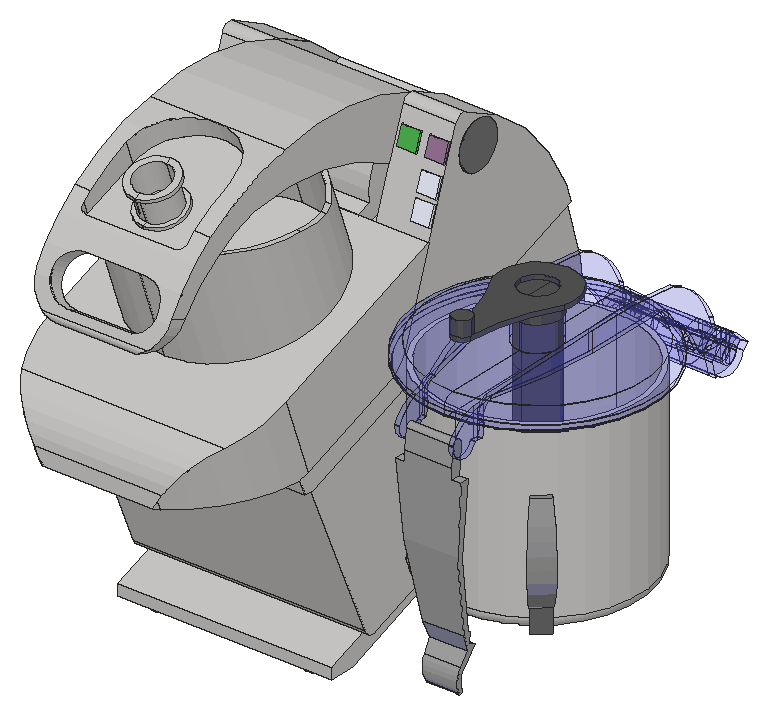
Revit family "QF_DITOSAMA_600433_DTRK45YG", category Specialty Equipment, Revit 2018 (continued)
Definition of nested family "600428_BOWL"
  Lines and regions (mm)
    symbolic lines
      curve 65: arc (-128, -18.211, 0) -> (-101.973, 25.34, 0) -> (-60.771, 54.948, 0) r 124.909
      curve 66: arc (-128, -100.142, 0) -> (-134.909, -59.177, 0) -> (-128, -18.211, 0) r 124.909
      curve 67: line (-108, -177.764, 0) -> (-49.233, -177.764, 0)
      curve 68: line (-128, 191, 0) -> (-128, -17.764, 0)
      curve 69: line (29.233, -177.764, 0) -> (108, -177.764, 0)
      curve 70: line (-128, -97.764, 0) -> (-128, -157.764, 0)
      curve 71: line (-108, 211, 0) -> (108, 211, 0)
      curve 72: arc (-128, -157.764, 0) -> (-122.142, -171.906, 0) -> (-108, -177.764, 0) r 20
      curve 73: arc (108, -177.764, 0) -> (122.142, -171.906, 0) -> (128, -157.764, 0) r 20
      curve 74: arc (128, 191, 0) -> (122.142, 205.142, 0) -> (108, 211, 0) r 20
      curve 75: arc (-108, 211, 0) -> (-122.142, 205.142, 0) -> (-128, 191, 0) r 20
      curve 76: line (45.852, 123.86, 0) -> (-71.073, 123.86, 0)
      curve 77: line (45.852, 137.378, 0) -> (-65.852, 137.378, 0)
      curve 78: line (45.852, 143.082, 0) -> (-65.852, 143.082, 0)
      curve 79: line (53.607, 123.86, 0) -> (45.852, 123.86, 0)
      curve 80: line (45.852, 123.86, 0) -> (45.852, 170.216, 0)
      curve 81: line (45.852, 170.216, 0) -> (-65.852, 170.216, 0)
      curve 82: line (-65.852, 170.216, 0) -> (-65.852, 123.86, 0)
      curve 83: line (102.599, 101.361, 0) -> (117.599, 101.361, 0)
  Dimensions and locks
    plane 4 "TOP" to level = 705.4 mm  (x2)
    plane 7 "LEFT" to plane 3 "Center (Left/Right)" to plane 8 "RIGHT" = 128 mm, 128 mm
    plane 6 "BACK" to plane 1 "Center (Front/Back)" to plane 5 "FRONT" = 211 mm, 211 mm
    plane 6 "BACK" to plane 5 "FRONT" = 422 mm
    plane 7 "LEFT" to plane 8 "RIGHT" = 256 mm
    plane 9 "CenterX" to plane 3 "Center (Left/Right)" = 10 mm
    plane 12 to level = 510 mm
    aligned and locked: level to plane 2
    aligned and locked: Extrusion 5 to cut or joined group of Extrusion 8, Extrusion 9, Extrusion 11, Extrusion 20
